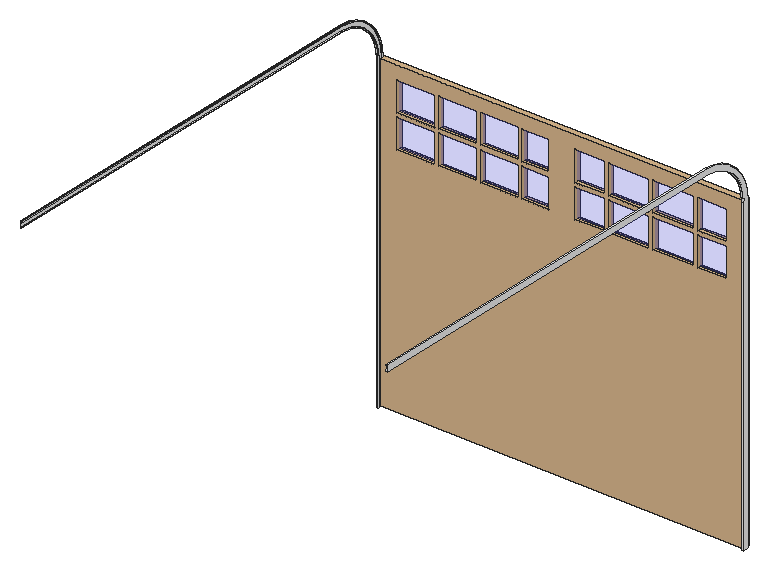
Revit family
Parameters (values of type "7Ft H x 8Ft W")
  Track Width = Width + 0' 2"  # 8' - 2"
  Track Height = Height + 1' 0"  # 8' - 0"
  Track Depth = 10' - 0"
  Track = Metal
  Thickness = 0' - 0"
  SmartBIM Object Version = 1  # constant formula
  SmartBIM Object Created By = "Reed Construction Data"  # constant formula
  Rough Height = 0' - 0"
  Panel Thickness = 0' - 1 1/2"
  Manufacturer = ""
  Height = 7' - 0"
  Wall Closure = (empty or 0)
  Width = 8' - 0"
  Door Glass = Glass
  Door = Wood
  95 CSI = "08360"  # constant formula
  04 CSI = "08 36 13"  # constant formula
Types (3): name | Track Width | Width
  (no name) | 8' - 2" | 8' - 0"
  7Ft H x 8Ft W | 8' - 2" | 8' - 0"
  7Ft H x 16Ft W | 16' - 2" | 16' - 0"
Reference planes (in)
  plane 1 "Center (Front/Back)": y = 0
  plane 2 "Center (Left/Right)": x = 0
  plane 3 "Left": x = -48
  plane 4 "Right": x = 48
  plane 5 "Top": z = 84
  plane 6: x = -49
  plane 7: x = 49
  plane 8: y = -2.5
  plane 9: z = 81
  plane 10: z = 63
  plane 11: x = -45
  plane 12: x = -33.75
  plane 13: x = -22.5
  plane 14: x = -3
  plane 15: x = -11.25
  plane 16: z = 72
  plane 17: x = 3
  plane 18: x = 45
  plane 19: x = 36
  plane 20: x = 24
  plane 21: x = 12
  plane 22: y = -2.5
  plane 23: y = -2.5
  plane 24 "Interior": y = -3.25
  plane 25 "Exterior": y = -1.75
  plane 26: y = -1.75
  plane 27: y = -3.25
  plane 28: y = -1.75
  plane 29: z = 3
  plane 30: z = 59
Forms (in)
  Extrusion 1, solid, material "Wood" <- "Door"
    sketch origin (0, 0, 0) x (1, 0, 0) y (0, 0, 1)
      loop
        line (-49, 84) -> (-49, 79.84334) -> (-49, 76.75) -> (-49, 62) -> (-49, 0) -> (49, 0) -> (49, 84) -> (-49, 84)
      loop
        line (-44.5, 80.5) -> (-44.5, 72.5) -> (-34.25, 72.5) -> (-34.25, 80.5) -> (-44.5, 80.5)
      loop
        line (-44.5, 63.5) -> (-34.25, 63.5) -> (-34.25, 71.5) -> (-44.5, 71.5) -> (-44.5, 63.5)
      loop
        line (-23, 80.5) -> (-33.25, 80.5) -> (-33.25, 72.5) -> (-23, 72.5) -> (-23, 80.5)
      loop
        line (-23, 63.5) -> (-23, 71.5) -> (-33.25, 71.5) -> (-33.25, 63.5) -> (-23, 63.5)
      loop
        line (-22, 80.5) -> (-22, 72.5) -> (-11.75, 72.5) -> (-11.75, 80.5) -> (-22, 80.5)
      loop
        line (-22, 63.5) -> (-11.75, 63.5) -> (-11.75, 71.5) -> (-22, 71.5) -> (-22, 63.5)
      loop
        line (-3.5, 80.5) -> (-10.75, 80.5) -> (-10.75, 72.5) -> (-3.5, 72.5) -> (-3.5, 80.5)
      loop
        line (-3.5, 63.5) -> (-3.5, 71.5) -> (-10.75, 71.5) -> (-10.75, 63.5) -> (-3.5, 63.5)
      loop
        line (44.5, 80.5) -> (36.5, 80.5) -> (36.5, 72.5) -> (44.5, 72.5) -> (44.5, 80.5)
      loop
        line (44.5, 63.5) -> (44.5, 71.5) -> (36.5, 71.5) -> (36.5, 63.5) -> (44.5, 63.5)
      loop
        line (24.5, 80.5) -> (24.5, 72.5) -> (35.5, 72.5) -> (35.5, 80.5) -> (24.5, 80.5)
      loop
        line (24.5, 63.5) -> (35.5, 63.5) -> (35.5, 71.5) -> (24.5, 71.5) -> (24.5, 63.5)
      loop
        line (23.5, 80.5) -> (12.5, 80.5) -> (12.5, 72.5) -> (23.5, 72.5) -> (23.5, 80.5)
      loop
        line (23.5, 63.5) -> (23.5, 71.5) -> (12.5, 71.5) -> (12.5, 63.5) -> (23.5, 63.5)
      loop
        line (3.5, 80.5) -> (3.5, 72.5) -> (11.5, 72.5) -> (11.5, 80.5) -> (3.5, 80.5)
      loop
        line (3.5, 63.5) -> (11.5, 63.5) -> (11.5, 71.5) -> (3.5, 71.5) -> (3.5, 63.5)
    from 1.75 to 3.25
  Extrusion 2, solid, material "Glass" <- "Door Glass"
    sketch origin (0, 0, 0) x (1, 0, 0) y (0, 0, 1)
      loop
        line (44.5, 80.5) -> (36.5, 80.5) -> (36.5, 72.5) -> (44.5, 72.5) -> (44.5, 80.5)
      loop
        line (44.5, 71.5) -> (36.5, 71.5) -> (36.5, 63.5) -> (44.5, 63.5) -> (44.5, 71.5)
      loop
        line (35.5, 71.5) -> (24.5, 71.5) -> (24.5, 63.5) -> (35.5, 63.5) -> (35.5, 71.5)
      loop
        line (35.5, 80.5) -> (24.5, 80.5) -> (24.5, 72.5) -> (35.5, 72.5) -> (35.5, 80.5)
      loop
        line (23.5, 80.5) -> (12.5, 80.5) -> (12.5, 72.5) -> (23.5, 72.5) -> (23.5, 80.5)
      loop
        line (23.5, 71.5) -> (12.5, 71.5) -> (12.5, 63.5) -> (23.5, 63.5) -> (23.5, 71.5)
      loop
        line (11.5, 71.5) -> (3.5, 71.5) -> (3.5, 63.5) -> (11.5, 63.5) -> (11.5, 71.5)
      loop
        line (11.5, 80.5) -> (3.5, 80.5) -> (3.5, 72.5) -> (11.5, 72.5) -> (11.5, 80.5)
      loop
        line (-3.5, 80.5) -> (-10.75, 80.5) -> (-10.75, 72.5) -> (-3.5, 72.5) -> (-3.5, 80.5)
      loop
        line (-3.5, 71.5) -> (-10.75, 71.5) -> (-10.75, 63.5) -> (-3.5, 63.5) -> (-3.5, 71.5)
      loop
        line (-11.75, 80.5) -> (-22, 80.5) -> (-22, 72.5) -> (-11.75, 72.5) -> (-11.75, 80.5)
      loop
        line (-11.75, 71.5) -> (-22, 71.5) -> (-22, 63.5) -> (-11.75, 63.5) -> (-11.75, 71.5)
      loop
        line (-23, 71.5) -> (-33.25, 71.5) -> (-33.25, 63.5) -> (-23, 63.5) -> (-23, 71.5)
      loop
        line (-23, 80.5) -> (-33.25, 80.5) -> (-33.25, 72.5) -> (-23, 72.5) -> (-23, 80.5)
      loop
        line (-34.25, 80.5) -> (-44.5, 80.5) -> (-44.5, 72.5) -> (-34.25, 72.5) -> (-34.25, 80.5)
      loop
        line (-34.25, 71.5) -> (-44.5, 71.5) -> (-44.5, 63.5) -> (-34.25, 63.5) -> (-34.25, 71.5)
    from 2.375 to 2.625
Lines and regions (in)
  Opening 1
    outline origin (-97, -1.75, 0) x (1, 0, 0) y (0, 0, 1)
      loop
        line (49, 0) -> (145, 0) -> (145, 84) -> (49, 84) -> (49, 0)
  model lines
    curve 1: line (45, -3.25, 63) -> (35.9266, -3.25, 63)
    curve 2: line (36.5, -3.25, 63.5) -> (44.5, -3.25, 63.5)
    curve 3: line (36.5, -3.25, 71.5) -> (36.5, -3.25, 63.5)
    curve 4: line (44.5, -3.25, 71.5) -> (36.5, -3.25, 71.5)
    curve 5: line (36.5, -3.25, 72.5) -> (44.5, -3.25, 72.5)
    curve 6: line (36.5, -3.25, 80.5) -> (36.5, -3.25, 72.5)
    curve 7: line (44.5, -3.25, 80.5) -> (36.5, -3.25, 80.5)
    curve 8: line (45, -3.25, 81) -> (36.17616, -3.25, 81)
    curve 9: line (36.17616, -3.25, 81) -> (23.9293, -3.25, 81)
    curve 10: line (35.5, -3.25, 80.5) -> (24.5, -3.25, 80.5)
    curve 11: line (35.5, -3.25, 72.5) -> (35.5, -3.25, 80.5)
    curve 12: line (24.5, -3.25, 72.5) -> (35.5, -3.25, 72.5)
    curve 13: line (24.5, -3.25, 80.5) -> (24.5, -3.25, 72.5)
    curve 14: line (35.5, -3.25, 71.5) -> (24.5, -3.25, 71.5)
    curve 15: line (35.5, -3.25, 63.5) -> (35.5, -3.25, 71.5)
    curve 16: line (24.5, -3.25, 63.5) -> (35.5, -3.25, 63.5)
    curve 17: line (24.5, -3.25, 71.5) -> (24.5, -3.25, 63.5)
    curve 18: line (35.9266, -3.25, 63) -> (23.13918, -3.25, 63)
    curve 19: line (23.13918, -3.25, 63) -> (12.09067, -3.25, 63)
    curve 20: line (12.5, -3.25, 63.5) -> (23.5, -3.25, 63.5)
    curve 21: line (23.5, -3.25, 63.5) -> (23.5, -3.25, 71.5)
    curve 22: line (23.5, -3.25, 71.5) -> (12.5, -3.25, 71.5)
    curve 23: line (12.5, -3.25, 71.5) -> (12.5, -3.25, 63.5)
    curve 24: line (12.5, -3.25, 72.5) -> (23.5, -3.25, 72.5)
    curve 25: line (23.5, -3.25, 72.5) -> (23.5, -3.25, 80.5)
    curve 26: line (23.5, -3.25, 80.5) -> (12.5, -3.25, 80.5)
    curve 27: line (23.9293, -3.25, 81) -> (11.993, -3.25, 81)
    curve 28: line (12.5, -3.25, 80.5) -> (12.5, -3.25, 72.5)
    curve 29: line (11.993, -3.25, 81) -> (3, -3.25, 81)
    curve 30: line (11.5, -3.25, 80.5) -> (3.5, -3.25, 80.5)
    curve 31: line (11.5, -3.25, 72.5) -> (11.5, -3.25, 80.5)
    curve 32: line (3.5, -3.25, 80.5) -> (3.5, -3.25, 72.5)
    curve 33: line (3, -3.25, 63) -> (3, -3.25, 81)
    curve 34: line (3.5, -3.25, 71.5) -> (3.5, -3.25, 63.5)
    curve 35: line (3.5, -3.25, 72.5) -> (11.5, -3.25, 72.5)
    curve 36: line (11.5, -3.25, 71.5) -> (3.5, -3.25, 71.5)
    curve 37: line (11.5, -3.25, 63.5) -> (11.5, -3.25, 71.5)
    curve 38: line (3.5, -3.25, 63.5) -> (11.5, -3.25, 63.5)
    curve 39: line (12.09067, -3.25, 63) -> (3, -3.25, 63)
    curve 40: line (-9.09791, -3.25, 63) -> (-3, -3.25, 63)
    curve 41: line (-10.75, -3.25, 63.5) -> (-3.5, -3.25, 63.5)
    curve 42: line (-3.5, -3.25, 63.5) -> (-3.5, -3.25, 71.5)
    curve 43: line (-3, -3.25, 81) -> (-3, -3.25, 63)
    curve 44: line (-3.5, -3.25, 71.5) -> (-10.75, -3.25, 71.5)
    curve 45: line (-10.75, -3.25, 72.5) -> (-3.5, -3.25, 72.5)
    curve 46: line (-3.5, -3.25, 72.5) -> (-3.5, -3.25, 80.5)
    curve 47: line (-3.5, -3.25, 80.5) -> (-10.75, -3.25, 80.5)
    curve 48: line (-3, -3.25, 81) -> (-10.87577, -3.25, 81)
    curve 49: line (-11.75, -3.25, 80.5) -> (-22, -3.25, 80.5)
    curve 50: line (-11.75, -3.25, 72.5) -> (-11.75, -3.25, 80.5)
    curve 51: line (-10.87577, -3.25, 81) -> (-22.53386, -3.25, 81)
    curve 52: line (-22, -3.25, 80.5) -> (-22, -3.25, 72.5)
    curve 53: line (-22, -3.25, 72.5) -> (-11.75, -3.25, 72.5)
    curve 54: line (-11.75, -3.25, 71.5) -> (-22, -3.25, 71.5)
    curve 55: line (-11.75, -3.25, 63.5) -> (-11.75, -3.25, 71.5)
    curve 56: line (-22, -3.25, 71.5) -> (-22, -3.25, 63.5)
    curve 57: line (-21.36274, -3.25, 63) -> (-9.09791, -3.25, 63)
    curve 58: line (-21.5, -3.25, 3) -> (-3, -3.25, 3)
    curve 59: line (-32.94817, -3.25, 63) -> (-21.36274, -3.25, 63)
    curve 60: line (-33.25, -3.25, 63.5) -> (-23, -3.25, 63.5)
    curve 61: line (-23, -3.25, 71.5) -> (-33.25, -3.25, 71.5)
    curve 62: line (-33.25, -3.25, 72.5) -> (-23, -3.25, 72.5)
    curve 63: line (-23, -3.25, 80.5) -> (-33.25, -3.25, 80.5)
    curve 64: line (-22.53386, -3.25, 81) -> (-33.73971, -3.25, 81)
    curve 65: line (-33.73971, -3.25, 81) -> (-45, -3.25, 81)
    curve 66: line (-34.25, -3.25, 80.5) -> (-44.5, -3.25, 80.5)
    curve 67: line (-34.25, -3.25, 72.5) -> (-34.25, -3.25, 80.5)
    curve 68: line (-44.5, -3.25, 80.5) -> (-44.5, -3.25, 72.5)
    curve 69: line (-44.5, -3.25, 72.5) -> (-34.25, -3.25, 72.5)
    curve 70: line (-34.25, -3.25, 71.5) -> (-44.5, -3.25, 71.5)
    curve 71: line (-34.25, -3.25, 63.5) -> (-34.25, -3.25, 71.5)
    curve 72: line (-44.5, -3.25, 71.5) -> (-44.5, -3.25, 63.5)
    curve 73: line (-44.5, -3.25, 63.5) -> (-34.25, -3.25, 63.5)
    curve 74: line (-45, -3.25, 63) -> (-32.94817, -3.25, 63)
    curve 75: line (-45, -3.25, 3) -> (-23.5, -3.25, 3)
    curve 76: line (-48, -3.25, 84) -> (49, -3.25, 84)
    curve 77: line (48, -3.25, 0) -> (-48, -3.25, 0)
    curve 78: line (-45, -3.25, 81) -> (-45, -3.25, 63)
    curve 79: line (48, -1.75, 0) -> (48, -1.75, 84)
    curve 80: line (-49, -1.75, 84) -> (49, -1.75, 84)
    curve 81: line (49, -1.75, 0) -> (-49, -1.75, 0)
    curve 82: line (-48, -1.75, 84) -> (-48, -1.75, 0)
    curve 83: line (-34.25, -1.75, 80.5) -> (-44.5, -1.75, 80.5)
    curve 84: line (-44.5, -1.75, 80.5) -> (-44.5, -1.75, 72.5)
    curve 85: line (-44.5, -1.75, 72.5) -> (-34.25, -1.75, 72.5)
    curve 86: line (-34.25, -1.75, 72.5) -> (-34.25, -1.75, 80.5)
    curve 87: line (-34.25, -1.75, 71.5) -> (-44.5, -1.75, 71.5)
    curve 88: line (-44.5, -1.75, 71.5) -> (-44.5, -1.75, 63.5)
    curve 89: line (-44.5, -1.75, 63.5) -> (-34.25, -1.75, 63.5)
    curve 90: line (-34.25, -1.75, 63.5) -> (-34.25, -1.75, 71.5)
    curve 91: line (-33.35471, -1.75, 63) -> (-21.89299, -1.75, 63)
    curve 92: line (-45, -1.75, 63) -> (-33.35471, -1.75, 63)
    curve 93: line (-45, -1.75, 3) -> (-23.5, -1.75, 3)
    curve 94: line (-33.25, -1.75, 80.5) -> (-33.25, -1.75, 72.5)
    curve 95: line (-33.25, -1.75, 63.5) -> (-23, -1.75, 63.5)
    curve 96: line (-23, -1.75, 71.5) -> (-33.25, -1.75, 71.5)
    curve 97: line (-33.25, -1.75, 72.5) -> (-23, -1.75, 72.5)
    curve 98: line (-23, -1.75, 80.5) -> (-33.25, -1.75, 80.5)
    curve 99: line (-11.75, -1.75, 80.5) -> (-22, -1.75, 80.5)
    curve 100: line (-22, -1.75, 80.5) -> (-22, -1.75, 72.5)
    curve 101: line (-22, -1.75, 72.5) -> (-11.75, -1.75, 72.5)
    curve 102: line (-11.75, -1.75, 72.5) -> (-11.75, -1.75, 80.5)
    curve 103: line (-11.75, -1.75, 71.5) -> (-22, -1.75, 71.5)
    curve 104: line (-22, -1.75, 71.5) -> (-22, -1.75, 63.5)
    curve 105: line (-22, -1.75, 63.5) -> (-11.75, -1.75, 63.5)
    curve 106: line (-11.75, -1.75, 63.5) -> (-11.75, -1.75, 71.5)
    curve 107: line (-21.89299, -1.75, 63) -> (-11.74764, -1.75, 63)
    curve 108: line (-21.5, -1.75, 3) -> (-3, -1.75, 3)
    curve 109: line (-10.75, -1.75, 80.5) -> (-10.75, -1.75, 72.5)
    curve 110: line (-11.74764, -1.75, 63) -> (-3, -1.75, 63)
    curve 111: line (-10.75, -1.75, 63.5) -> (-3.5, -1.75, 63.5)
    curve 112: line (-3.5, -1.75, 63.5) -> (-3.5, -1.75, 71.5)
    curve 113: line (-3.5, -1.75, 71.5) -> (-10.75, -1.75, 71.5)
    curve 114: line (-10.75, -1.75, 72.5) -> (-3.5, -1.75, 72.5)
    curve 115: line (-3.5, -1.75, 72.5) -> (-3.5, -1.75, 80.5)
    curve 116: line (-3.5, -1.75, 80.5) -> (-10.75, -1.75, 80.5)
    curve 117: line (-3, -1.75, 81) -> (-10.75, -1.75, 81)
    curve 118: line (-3, -1.75, 81) -> (-3, -1.75, 63)
    curve 119: line (3, -1.75, 63) -> (12.51207, -1.75, 63)
    curve 120: line (23, -1.75, 3) -> (3, -1.75, 3)
    curve 121: line (11.5, -1.75, 71.5) -> (3.5, -1.75, 71.5)
    curve 122: line (3, -1.75, 71.5) -> (3, -1.75, 63)
    curve 123: line (3.5, -1.75, 63.5) -> (11.5, -1.75, 63.5)
    curve 124: line (11.5, -1.75, 63.5) -> (11.5, -1.75, 71.5)
    curve 125: line (3.5, -1.75, 72.5) -> (11.5, -1.75, 72.5)
    curve 126: line (11.5, -1.75, 72.5) -> (11.5, -1.75, 80.5)
    curve 127: line (11.5, -1.75, 80.5) -> (3.5, -1.75, 80.5)
    curve 128: line (3, -1.75, 81) -> (3, -1.75, 71.5)
    curve 129: line (45, -1.75, 81) -> (36.17616, -1.75, 81)
    curve 130: line (36.17616, -1.75, 81) -> (23.9293, -1.75, 81)
    curve 131: line (23.9293, -1.75, 81) -> (3, -1.75, 81)
    curve 132: line (23.5, -1.75, 72.5) -> (23.5, -1.75, 80.5)
    curve 133: line (23.5, -1.75, 80.5) -> (12.5, -1.75, 80.5)
    curve 134: line (12.5, -1.75, 80.5) -> (12.5, -1.75, 72.5)
    curve 135: line (12.5, -1.75, 72.5) -> (23.5, -1.75, 72.5)
    curve 136: line (23.5, -1.75, 63.5) -> (23.5, -1.75, 71.5)
    curve 137: line (23.5, -1.75, 71.5) -> (12.5, -1.75, 71.5)
    curve 138: line (12.5, -1.75, 71.5) -> (12.5, -1.75, 63.5)
    curve 139: line (12.5, -1.75, 63.5) -> (23.5, -1.75, 63.5)
    curve 140: line (22.78104, -1.75, 63) -> (12.51207, -1.75, 63)
    curve 141: line (35.85906, -1.75, 63) -> (22.78104, -1.75, 63)
    curve 142: line (25, -1.75, 3) -> (45, -1.75, 3)
    curve 143: line (35.5, -1.75, 71.5) -> (24.5, -1.75, 71.5)
    curve 144: line (24.5, -1.75, 71.5) -> (24.5, -1.75, 63.5)
    curve 145: line (24.5, -1.75, 63.5) -> (35.5, -1.75, 63.5)
    curve 146: line (35.5, -1.75, 63.5) -> (35.5, -1.75, 71.5)
    curve 147: line (35.5, -1.75, 72.5) -> (35.5, -1.75, 80.5)
    curve 148: line (35.5, -1.75, 80.5) -> (24.5, -1.75, 80.5)
    curve 149: line (24.5, -1.75, 80.5) -> (24.5, -1.75, 72.5)
    curve 150: line (24.5, -1.75, 72.5) -> (35.5, -1.75, 72.5)
    curve 151: line (44.5, -1.75, 80.5) -> (36.5, -1.75, 80.5)
    curve 152: line (36.5, -1.75, 80.5) -> (36.5, -1.75, 72.5)
    curve 153: line (36.5, -1.75, 72.5) -> (44.5, -1.75, 72.5)
    curve 154: line (44.5, -1.75, 71.5) -> (36.5, -1.75, 71.5)
    curve 155: line (36.5, -1.75, 71.5) -> (36.5, -1.75, 63.5)
    curve 156: line (36.5, -1.75, 63.5) -> (44.5, -1.75, 63.5)
    curve 157: line (45, -1.75, 63) -> (35.85906, -1.75, 63)
    curve 158: line (-11.75, -1.75, 80.5) -> (-11.75, -1.75, 72.5)
    curve 159: line (-34.25, -1.75, 80.5) -> (-34.25, -1.75, 72.5)
    curve 160: line (-10.75, -1.75, 71.5) -> (-10.75, -1.75, 63.5)
    curve 161: line (-11.75, -1.75, 71.5) -> (-11.75, -1.75, 63.5)
    curve 162: line (-34.25, -1.75, 81) -> (-45, -1.75, 81)
    curve 163: line (-23, -1.75, 81) -> (-33.25, -1.75, 81)
    curve 164: line (-11.75, -1.75, 81) -> (-22, -1.75, 81)
    curve 165: line (-22, -1.75, 63.5) -> (-22, -1.75, 71.5)
    curve 166: line (-23, -1.75, 63.5) -> (-23, -1.75, 71.5)
    curve 167: line (-22, -1.75, 72.5) -> (-22, -1.75, 81)
    curve 168: line (-23, -1.75, 72.5) -> (-23, -1.75, 81)
    curve 169: line (-33.25, -1.75, 71.5) -> (-33.25, -1.75, 63.5)
    curve 170: line (-34.25, -1.75, 71.5) -> (-34.25, -1.75, 63.5)
    curve 171: line (3, -1.75, 3) -> (3, -1.75, 59)
    curve 172: line (-3, -1.75, 3) -> (-3, -1.75, 59)
    curve 173: line (-45, -1.75, 3) -> (-45, -1.75, 59)
    curve 174: line (-45, -3.25, 16.5) -> (-45, -3.25, 3)
    curve 175: line (-3, -3.25, 3) -> (-3, -3.25, 59)
    curve 176: line (3, -3.25, 3) -> (3, -3.25, 59)
    curve 177: line (45, -3.25, 3) -> (45, -3.25, 59)
    curve 178: line (25, -1.75, 3) -> (25, -1.75, 59)
    curve 179: line (23, -1.75, 59) -> (23, -1.75, 3)
    curve 180: line (-23.5, -1.75, 59) -> (-23.5, -1.75, 3)
    curve 181: line (-21.5, -1.75, 3) -> (-21.5, -1.75, 59)
    curve 182: line (-23.5, -3.25, 59) -> (-23.5, -3.25, 3)
    curve 183: line (-21.5, -3.25, 3) -> (-21.5, -3.25, 59)
    curve 184: line (23, -3.25, 59) -> (23, -3.25, 3)
    curve 185: line (25, -3.25, 3) -> (25, -3.25, 59)
    curve 186: line (3, -3.25, 3) -> (23, -3.25, 3)
    curve 187: line (25, -3.25, 3) -> (45, -3.25, 3)
    curve 188: line (-45, -3.25, 59) -> (-23.5, -3.25, 59)
    curve 189: line (-21.5, -3.25, 59) -> (-3, -3.25, 59)
    curve 190: line (3, -3.25, 59) -> (23, -3.25, 59)
    curve 191: line (25, -3.25, 59) -> (45, -3.25, 59)
    curve 192: line (-45, -3.25, 59) -> (-45, -3.25, 16.5)
    curve 193: line (45, -3.25, 72) -> (45, -3.25, 81)
    curve 194: line (45, -3.25, 63) -> (45, -3.25, 72)
    curve 195: line (45, -1.75, 59) -> (25, -1.75, 59)
    curve 196: line (23, -1.75, 59) -> (3, -1.75, 59)
    curve 197: line (-3, -1.75, 59) -> (-21.5, -1.75, 59)
    curve 198: line (-23.5, -1.75, 59) -> (-45, -1.75, 59)
    curve 199: line (45, -1.75, 72) -> (45, -1.75, 81)
    curve 200: line (45, -1.75, 63) -> (45, -1.75, 72)
    curve 201: line (45, -1.75, 3) -> (45, -1.75, 59)
    curve 202: line (-45, -1.75, 81) -> (-45, -1.75, 63)
Text (in)
  text "Exterior" at (-74.96733, 27.31104, 0), in view "Ref. Level"
  text "Interior" at (-76.69036, -30.31274, 0), in view "Ref. Level"
  text "Exterior" at (0, 40.15149, 123.01588), in view "Right"
  text "Interior" at (0, -64.39139, 123.01588), in view "Right"
  text "Interior" at (0, -31.01599, 123.00693), in view "Left"
  text "Exterior" at (0, 54.57065, 123.00693), in view "Left"
Dimensions and locks (in)
  equal spacing: plane 3 "Left", plane 2 "Center (Left/Right)", plane 4 "Right"
  "Height": level to plane 5 "Top"
  "Width": plane 3 "Left" to plane 4 "Right"
  locked: plane 6 to plane 3 "Left" at 1
  locked: plane 4 "Right" to plane 7 at 1
  "Panel Thickness": Extrusion 1 to Extrusion 1
  locked: plane 9 to plane 5 "Top" at 3
  locked: plane 10 to plane 9 at 18
  locked: plane 3 "Left" to plane 11 at 3
  equal spacing: plane 9, plane 16, plane 10
  locked: plane 9 to Extrusion 1 sketch curve at 0.5  (x8)
  locked: Extrusion 1 sketch curve to plane 11 at 0.5  (x2)
  locked: Extrusion 1 sketch curve to plane 10 at 0.5  (x6)
  locked: plane 12 to Extrusion 1 sketch curve at 0.5  (x2)
  locked: Extrusion 1 sketch curve to plane 16 at 0.5  (x8)
  locked: plane 16 to Extrusion 1 sketch curve at 0.5  (x7)
  locked: plane 18 to plane 4 "Right" at 3
  locked: Extrusion 1 sketch curve to plane 18 at 0.5  (x2)
  locked: plane 19 to Extrusion 1 sketch curve at 0.5  (x2)
  locked: plane 20 to Extrusion 1 sketch curve at 0.5  (x2)
  locked: plane 21 to Extrusion 1 sketch curve at 0.5  (x2)
  locked: plane 17 to Extrusion 1 sketch curve at 0.5  (x2)
  locked: plane 14 to Extrusion 1 sketch curve at 0.5  (x2)
  locked: Extrusion 1 sketch curve to plane 15 at 0.5  (x2)
  locked: plane 15 to Extrusion 1 sketch curve at 0.5
  plane 15 to Extrusion 1 sketch curve = 0' - 0 1/2"
  locked: Extrusion 1 sketch curve to plane 13 at 0.5  (x2)
  locked: plane 13 to Extrusion 1 sketch curve at 0.5  (x2)
  locked: Extrusion 1 sketch curve to plane 12 at 0.5  (x2)
  plane 12 to Extrusion 1 sketch curve = 0' - 0 1/2"
  locked: Extrusion 1 sketch curve to plane 21 at 0.5  (x2)
  locked: Extrusion 1 sketch curve to plane 20 at 0.5  (x2)
  locked: Extrusion 1 sketch curve to plane 19 at 0.5  (x2)
  locked: Extrusion 2 to Extrusion 2 at 0.25
  plane 22 to Extrusion 1 = 0' - 0 3/4"
  locked: plane 23 to Extrusion 2 at 0.125
  equal spacing: plane 25 "Exterior", plane 8, plane 27
  "Panel Thickness": plane 25 "Exterior" to plane 24 "Interior"
  locked: plane 10 to Extrusion 1 at 21
  plane 29 to plane 10 = 5' - 0"
  locked: level to plane 29 at 3
  plane 29 to level = 0' - 3"
  locked: plane 13 to curve 180 at 1
  locked: curve 181 to plane 13 at 1
  plane 20 to curve 178 = 0' - 1"
  locked: plane 10 to plane 30 at 4
  locked: plane 2 "Center (Left/Right)" to plane 14 at 3
  locked: plane 17 to plane 2 "Center (Left/Right)" at 3
  equal spacing: plane 2 "Center (Left/Right)", plane 15, plane 13, plane 12, plane 11
  locked: plane 15 to curve 50 at 0.5
  equal spacing: plane 4 "Right", plane 19, plane 20, plane 21, plane 2 "Center (Left/Right)"
  curve 180 to curve 181 = 0' - 2"
  aligned and locked: plane 3 "Left" to Opening 1 sketch curve
  aligned and locked: plane 5 "Top" to Opening 1 sketch curve  (x2)
  aligned and locked: Opening 1 sketch curve to plane 4 "Right"
  aligned and locked: Opening 1 sketch curve to level
  aligned and locked: Extrusion 1 sketch curve to plane 6
  aligned and locked: Extrusion 1 sketch curve to plane 7
  aligned and locked: Extrusion 1 sketch curve to level
  aligned and locked: Extrusion 1 sketch curve to host wall
  aligned and locked: Extrusion 2 sketch curve to Extrusion 1  (x64)
  aligned and locked: plane 22 to plane 23
  aligned and locked: curve 2 to Extrusion 1
  aligned and locked: curve 3 to Extrusion 1
  aligned and locked: curve 4 to Extrusion 1
  aligned and locked: curve 5 to Extrusion 1
  aligned and locked: curve 6 to Extrusion 1
  aligned and locked: curve 7 to Extrusion 1
  aligned and locked: curve 10 to Extrusion 1
  aligned and locked: curve 11 to Extrusion 1
  aligned and locked: curve 12 to Extrusion 1
  aligned and locked: curve 13 to Extrusion 1
  aligned and locked: curve 14 to Extrusion 1
  aligned and locked: curve 15 to Extrusion 1
  aligned and locked: curve 16 to Extrusion 1
  aligned and locked: curve 17 to Extrusion 1
  aligned and locked: curve 20 to Extrusion 1
  aligned and locked: curve 21 to Extrusion 1
  aligned and locked: curve 22 to Extrusion 1
  aligned and locked: curve 23 to Extrusion 1
  aligned and locked: curve 24 to Extrusion 1
  aligned and locked: curve 25 to Extrusion 1
  aligned and locked: curve 26 to Extrusion 1
  aligned and locked: curve 28 to Extrusion 1
  aligned and locked: curve 30 to Extrusion 1
  aligned and locked: curve 31 to Extrusion 1
  aligned and locked: curve 32 to Extrusion 1
  aligned and locked: curve 34 to Extrusion 1
  aligned and locked: curve 35 to Extrusion 1
  aligned and locked: curve 36 to Extrusion 1
  aligned and locked: curve 37 to Extrusion 1
  aligned and locked: curve 38 to Extrusion 1
  aligned and locked: curve 41 to Extrusion 1
  aligned and locked: curve 42 to Extrusion 1
  aligned and locked: curve 44 to Extrusion 1
  aligned and locked: curve 45 to Extrusion 1
  aligned and locked: curve 46 to Extrusion 1
  aligned and locked: curve 47 to Extrusion 1
  aligned and locked: curve 49 to Extrusion 1
  aligned and locked: curve 52 to Extrusion 1
  aligned and locked: curve 53 to Extrusion 1
  aligned and locked: curve 54 to Extrusion 1
  aligned and locked: curve 55 to Extrusion 1
  aligned and locked: curve 56 to Extrusion 1
  aligned and locked: curve 60 to Extrusion 1
  aligned and locked: curve 61 to Extrusion 1
  aligned and locked: curve 62 to Extrusion 1
  aligned and locked: curve 63 to Extrusion 1
  aligned and locked: curve 66 to Extrusion 1
  aligned and locked: curve 67 to Extrusion 1
  aligned and locked: curve 68 to Extrusion 1
  aligned and locked: curve 69 to Extrusion 1
  aligned and locked: curve 70 to Extrusion 1
  aligned and locked: curve 71 to Extrusion 1
  aligned and locked: curve 72 to Extrusion 1
  aligned and locked: curve 73 to Extrusion 1
  aligned and locked: Extrusion 1 to curve 76
  aligned and locked: Extrusion 1 to curve 77
  aligned and locked: plane 11 to curve 78
  aligned and locked: curve 78 to curve 74
  aligned and locked: curve 79 to host wall
  aligned and locked: curve 80 to Extrusion 1
  aligned and locked: curve 81 to Extrusion 1
  aligned and locked: curve 82 to host wall
  aligned and locked: curve 83 to curve 66
  aligned and locked: curve 84 to curve 68
  aligned and locked: curve 85 to curve 69
  aligned and locked: curve 86 to curve 67
  aligned and locked: curve 87 to curve 70
  aligned and locked: curve 88 to curve 72
  aligned and locked: curve 89 to curve 73
  aligned and locked: curve 90 to curve 71
  aligned and locked: curve 91 to curve 59
  aligned and locked: curve 92 to curve 74
  aligned and locked: curve 93 to curve 75
  aligned and locked: curve 95 to Extrusion 1
  aligned and locked: curve 96 to Extrusion 1
  aligned and locked: curve 97 to Extrusion 1
  aligned and locked: curve 98 to Extrusion 1
  aligned and locked: curve 99 to curve 49
  aligned and locked: curve 100 to curve 52
  aligned and locked: curve 101 to curve 53
  aligned and locked: curve 102 to curve 50
  aligned and locked: curve 103 to Extrusion 1
  aligned and locked: curve 104 to Extrusion 1
  aligned and locked: curve 105 to Extrusion 1
  aligned and locked: curve 106 to Extrusion 1
  aligned and locked: curve 107 to curve 57
  aligned and locked: curve 110 to curve 40
  aligned and locked: curve 111 to Extrusion 1
  aligned and locked: curve 112 to Extrusion 1
  aligned and locked: curve 113 to Extrusion 1
  aligned and locked: curve 114 to curve 45
  aligned and locked: curve 115 to curve 46
  aligned and locked: curve 116 to curve 47
  aligned and locked: curve 117 to curve 48
  aligned and locked: curve 118 to curve 43
  aligned and locked: curve 119 to curve 39
  aligned and locked: curve 121 to curve 36
  aligned and locked: curve 123 to curve 38
  aligned and locked: curve 124 to curve 37
  aligned and locked: curve 125 to curve 35
  aligned and locked: curve 126 to curve 31
  aligned and locked: curve 127 to curve 30
  aligned and locked: curve 8 to curve 129
  aligned and locked: curve 130 to curve 9
  aligned and locked: curve 131 to curve 27
  aligned and locked: curve 132 to curve 25
  aligned and locked: curve 133 to curve 26
  aligned and locked: curve 134 to curve 28
  aligned and locked: curve 135 to curve 24
  aligned and locked: curve 136 to curve 21
  aligned and locked: curve 137 to curve 22
  aligned and locked: curve 138 to curve 23
  aligned and locked: curve 139 to curve 20
  aligned and locked: curve 19 to curve 140
  aligned and locked: curve 18 to curve 141
  aligned and locked: curve 143 to curve 14
  aligned and locked: curve 144 to curve 17
  aligned and locked: curve 145 to curve 16
  aligned and locked: curve 146 to curve 15
  aligned and locked: curve 147 to curve 11
  aligned and locked: curve 148 to curve 10
  aligned and locked: curve 149 to curve 13
  aligned and locked: curve 150 to curve 12
  aligned and locked: curve 7 to curve 151
  aligned and locked: curve 152 to curve 6
  aligned and locked: curve 153 to curve 5
  aligned and locked: curve 4 to curve 154
  aligned and locked: curve 155 to curve 3
  aligned and locked: curve 156 to curve 2
  aligned and locked: curve 1 to curve 157
  aligned and locked: plane 24 "Interior" to curve 77
  aligned and locked: curve 75 to plane 24 "Interior"
  aligned and locked: curve 58 to plane 24 "Interior"
  aligned and locked: plane 22 to plane 8
  aligned and locked: plane 25 "Exterior" to host wall
  aligned and locked: host wall to curve 142
  aligned and locked: curve 120 to host wall
  aligned and locked: host wall to curve 108
  aligned and locked: host wall to curve 93
  aligned and locked: plane 24 "Interior" to plane 27
  aligned and locked: curve 93 to plane 26
  aligned and locked: curve 108 to plane 26
  aligned and locked: plane 26 to curve 120
  aligned and locked: plane 26 to curve 81
  aligned and locked: curve 142 to plane 26
  aligned and locked: plane 28 to plane 26
  aligned and locked: Extrusion 1 to plane 27
  aligned and locked: Extrusion 1 to curve 93
  aligned and locked: plane 29 to curve 172
  aligned and locked: plane 29 to curve 171
  aligned and locked: curve 179 to curve 184
  aligned and locked: plane 29 to curve 186
  aligned and locked: plane 30 to curve 188
  aligned and locked: curve 177 to curve 191
  aligned and locked: plane 9 to curve 78
  aligned and locked: curve 195 to plane 30
  aligned and locked: curve 199 to curve 193
  aligned and locked: curve 200 to curve 194
  aligned and locked: curve 201 to curve 177
  aligned and locked: curve 202 to curve 78
  aligned and locked: plane 28 to Extrusion 1
  aligned and locked: host wall to plane 28
  aligned and locked: nested 1 to plane 2 "Center (Left/Right)"
  aligned and locked: plane 27 to nested 1
Automatic sketch dimensions
  Extrusion 1 sketch curve to plane 15 = 0' - 0 1/2"
  Extrusion 1 sketch curve to plane 10 = 0' - 1"
  plane 10 to Extrusion 1 sketch curve = 0' - 0 1/2"  (x2)
  Extrusion 1 sketch curve to plane 16 = 0' - 0 1/2"
  Extrusion 1 sketch curve to plane 9 = 0' - 4 1/4"
  Extrusion 1 sketch curve to plane 9 = 0' - 1.15666"
  curve 76 to plane 7 = 0' - 0"
  curve 77 to plane 4 "Right" = 0' - 0"
  curve 193 to plane 16 = 0' - 0"
  curve 193 to plane 18 = 0' - 0"
  curve 187 to plane 18 = 0' - 0"
  curve 8 to plane 9 = 0' - 0"
  curve 1 to plane 10 = 0' - 0"
  curve 185 to plane 29 = 0' - 0"
  curve 191 to plane 30 = 0' - 0"
  curve 190 to plane 30 = 0' - 0"
  curve 39 to plane 17 = 0' - 0"
  curve 176 to plane 17 = 0' - 0"
  curve 43 to plane 14 = 0' - 0"
  curve 189 to plane 14 = 0' - 0"
  curve 57 to plane 10 = 0' - 0"
  curve 189 to plane 30 = 0' - 0"
  curve 192 to plane 11 = 0' - 0"
  curve 76 to plane 3 "Left" = 0' - 0"
  curve 77 to plane 3 "Left" = 0' - 0"
  plane 18 to curve 7 = 0' - 0 1/2"
  plane 18 to curve 4 = 0' - 0 1/2"
  plane 18 to curve 2 = 0' - 0 1/2"
  plane 18 to curve 5 = 0' - 0 1/2"
  curve 8 to plane 19 = 0' - 0.17616"
  plane 19 to curve 1 = 0' - 0.0734"
  curve 185 to plane 20 = 0' - 1"
  plane 20 to curve 27 = 0' - 0.0707"
  curve 20 to curve 18 = 0' - 0.36082"
  plane 20 to curve 184 = 0' - 1"
  curve 39 to plane 21 = 0' - 0.09067"
  plane 21 to curve 27 = 0' - 0.007"
  plane 15 to curve 57 = 0' - 2.15209"
  plane 15 to curve 45 = 0' - 0 1/2"
  plane 15 to curve 47 = 0' - 0 1/2"
  plane 15 to curve 44 = 0' - 0 1/2"
  plane 15 to curve 41 = 0' - 0 1/2"
  plane 15 to curve 51 = 0' - 0.37423"
  curve 59 to curve 56 = 0' - 0.63726"
  plane 13 to curve 189 = 0' - 1"
  curve 51 to plane 13 = 0' - 0.03386"
  curve 62 to plane 13 = 0' - 0 1/2"
  curve 60 to plane 13 = 0' - 0 1/2"
  curve 63 to plane 13 = 0' - 0 1/2"
  curve 61 to plane 13 = 0' - 0 1/2"
  curve 188 to plane 13 = 0' - 1"
  plane 12 to curve 59 = 0' - 0.80183"
  plane 12 to curve 63 = 0' - 0 1/2"
  plane 12 to curve 62 = 0' - 0 1/2"
  plane 12 to curve 60 = 0' - 0 1/2"
  plane 12 to curve 61 = 0' - 0 1/2"
  plane 12 to curve 64 = 0' - 0.01029"
  plane 10 to curve 56 = 0' - 0 1/2"
  plane 10 to curve 55 = 0' - 0 1/2"
  curve 192 to plane 30 = 3' - 6 1/2"
  curve 81 to level = 0' - 0"
  curve 81 to plane 7 = 0' - 0"
  curve 80 to plane 5 "Top" = 0' - 0"
  curve 80 to plane 7 = 0' - 0"
  curve 79 to plane 4 "Right" = 0' - 0"
  curve 128 to plane 17 = 0' - 0"
  curve 120 to plane 17 = 0' - 0"
  curve 172 to plane 14 = 0' - 0"
  curve 168 to plane 9 = 0' - 0"
  curve 173 to plane 11 = 0' - 0"
  curve 162 to plane 9 = 0' - 0"
  curve 82 to plane 3 "Left" = 0' - 0"
  curve 81 to plane 6 = 0' - 0"
  curve 80 to plane 6 = 0' - 0"
  curve 171 to plane 30 = 0' - 0"
  curve 172 to plane 30 = 0' - 0"
  curve 180 to plane 30 = 0' - 0"
  curve 167 to plane 9 = 0' - 0"
  plane 18 to curve 153 = 0' - 0 1/2"
  plane 18 to curve 154 = 0' - 0 1/2"
  plane 18 to curve 156 = 0' - 0 1/2"
  plane 18 to curve 151 = 0' - 0 1/2"
  curve 130 to plane 19 = 0' - 0.17616"
  plane 19 to curve 157 = 0' - 0.14094"
  plane 20 to curve 131 = 0' - 0.0707"
  curve 136 to curve 141 = 0' - 0.71896"
  curve 119 to curve 138 = 0' - 0.01207"
  curve 125 to plane 17 = 0' - 0 1/2"
  curve 127 to plane 17 = 0' - 0 1/2"
  curve 121 to curve 122 = 0' - 0 1/2"
  curve 123 to plane 17 = 0' - 0 1/2"
  plane 15 to curve 117 = 0' - 0 1/2"
  plane 15 to curve 160 = 0' - 0 1/2"
  curve 110 to plane 15 = 0' - 0.49764"
  curve 107 to curve 104 = 0' - 0.10701"
  curve 168 to plane 13 = 0' - 0 1/2"
  curve 166 to plane 13 = 0' - 0 1/2"
  plane 12 to curve 94 = 0' - 0 1/2"
  plane 12 to curve 169 = 0' - 0 1/2"
  plane 12 to curve 92 = 0' - 0.39529"
  curve 122 to plane 16 = 0' - 0 1/2"
  curve 199 to plane 16 = 0' - 0"
  curve 142 to plane 29 = 0' - 0"
  curve 162 to curve 83 = 0' - 0"
  curve 163 to curve 94 = 0' - 0"
  curve 164 to curve 99 = 0' - 0"
  plane 15 to curve 109 = 0' - 0 1/2"
  curve 75 to plane 29 = 0' - 0"
  curve 58 to plane 29 = 0' - 0"
Nested families (in)
  nested 1: "Door Track" at (-0.5, -64, 0), Width <- "Track Width", Height <- "Track Height", Depth <- "Track Depth", type "Door Track"
    with Width 8' - 2", Height 8' - 0", Depth 10' - 0"
Definition of nested family "Door Track"
  Parameters
    Width [instance] = 10' - 0"
    Track = Metal
    Height [instance] = 11' - 0"
    Depth [instance] = 8' - 0"
  Reference planes (in)
    plane 1 "Center (Front/Back)": y = 0
    plane 2: z = 0
    plane 3 "Center (Left/Right)": x = 0.5
    plane 4 "Back": y = 48
    plane 5 "Front": y = -48
    plane 6 "Left": x = -59.5
    plane 7 "Right": x = 60.5
    plane 8 "Top": z = 132
    plane 9 "Center (Up/Down)": z = 66
    plane 10: y = 48.75
    plane 11: y = 49.5
  Forms (in)
    Sweep 1, solid, material "Metal" <- "Track"
      path origin (60.5, 60, 48) x (0, 1, 0) y (0, 0, 1)
        loop
          line (-12, -48) -> (-12, 72)
          arc (-12, 72) -> (-15.51472, 80.48528) -> (-24, 84) r 12
          line (-24, 84) -> (-108, 84)
      profile origin (60.5, -6, 132) x (0, 0, -1) y (1, 0, 0)
        loop
          line (-1.5, 0) -> (-1.375, 0) -> (-1.375, 0.375) -> (-0.125, 0.375) -> (-0.125, 0) -> (0, 0) -> (0, 0.5) -> (-1.5, 0.5) -> (-1.5, 0)
    Sweep 2, solid, material "Metal" <- "Track"
      path origin (-59.5, 60, 48) x (0, 1, 0) y (0, 0, 1)
        loop
          line (-12, -48) -> (-12, 72)
          arc (-12, 72) -> (-15.51472, 80.48528) -> (-24, 84) r 12
          line (-24, 84) -> (-108, 84)
      profile origin (-59.5, -6, 132) x (0, 0, -1) y (1, 0, 0)
        loop
          line (-1.5, 0) -> (-1.5, -0.5) -> (0, -0.5) -> (0, 0) -> (-0.125, 0) -> (-0.125, -0.375) -> (-1.375, -0.375) -> (-1.375, 0) -> (-1.5, 0)
  Dimensions and locks (in)
    equal spacing: plane 6 "Left", plane 3 "Center (Left/Right)", plane 7 "Right"
    "Width": plane 6 "Left" to plane 7 "Right"
    equal spacing: plane 4 "Back", plane 1 "Center (Front/Back)", plane 5 "Front"
    "Depth": plane 4 "Back" to plane 5 "Front"
    "Height": plane 8 "Top" to plane 2
    equal spacing: plane 8 "Top", plane 9 "Center (Up/Down)", level
    locked: Sweep 2 sketch curve to Sweep 2 sketch curve at 0.125  (x3)
    locked: Sweep 2 sketch curve to Sweep 2 sketch curve at 0.5  (x2)
    locked: Sweep 2 sketch curve to Sweep 2 sketch curve at 1.5
    locked: Sweep 1 sketch curve to Sweep 1 sketch curve at 0.5  (x2)
    locked: Sweep 1 sketch curve to Sweep 1 sketch curve at 0.125  (x3)
    locked: Sweep 1 sketch curve to Sweep 1 sketch curve at 1.5
    equal spacing: plane 4 "Back", plane 10, plane 11
    locked: plane 10 to plane 11 at 0.75
    radius of Sweep 1 sketch curve = 1' - 0"
    radius of Sweep 2 sketch curve = 1' - 0"
    aligned and locked: plane 8 "Top" to Sweep 1 sketch curve  (x2)
    aligned and locked: plane 5 "Front" to Sweep 1 sketch curve
    aligned and locked: plane 4 "Back" to Sweep 1 sketch curve
    aligned and locked: plane 4 "Back" to Sweep 2 sketch curve
    aligned and locked: plane 5 "Front" to Sweep 2 sketch curve
    aligned and locked: level to Sweep 2 sketch curve
    aligned and locked: Sweep 2 sketch curve to profile plane  (x2)
    aligned and locked: Sweep 1 sketch curve to profile plane
    aligned and locked: plane 11 to Sweep 1
  Automatic sketch dimensions
    Sweep 1 sketch curve to level = 0' - 0"
    Sweep 2 sketch curve to plane 8 "Top" = 0' - 0"
